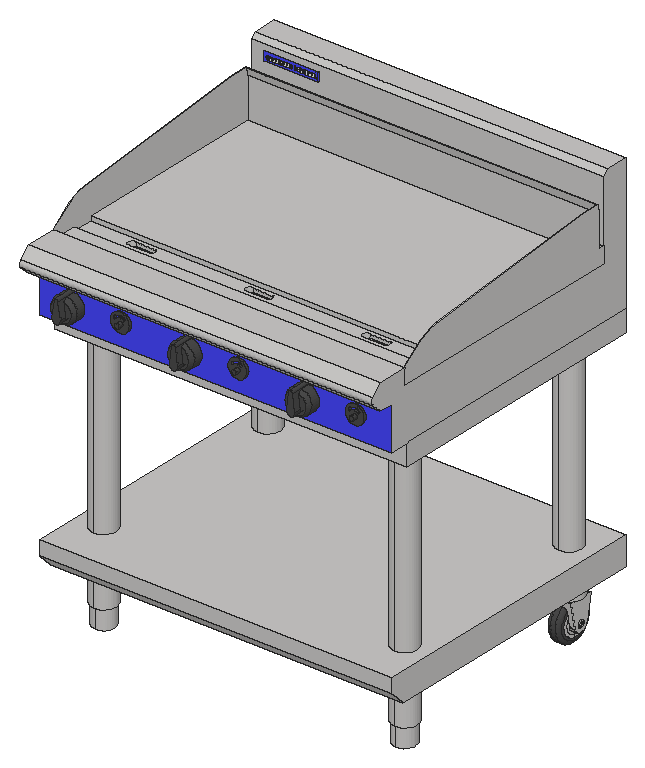
Revit family "QF_MOFFAT_BLUESEAL_CE_G516A-LS", category Specialty Equipment, Revit 2012
Parameters
  Width = 900 mm
  Weight in Pounds = 283  # constant formula
  URL Cutsheet = "www.moffat.com"
  URL = "www.moffat.com"
  Type Mark [instance] = ""
  Status [instance] = ""
  Specification by User [instance] = ""
  Specification by Manufacturer = ""
  Show Logo [instance] = yes
  Show Casters [instance] = yes
  Serial Number = ""
  Seismic Rating = ""
  SMACNA No = ""
  Revision Code [instance] = ""
  Omniclass Number and Title = ""
  NAFEM Spec ID Number = ""
  Model = "G514A-LS"
  Mechanical Remarks = ""
  Mechanical Connection Type = ""
  Masterspec = ""
  Manufacturer = "MOFFAT BLUESEAL"
  Legs [instance] = not(Show Casters)  # no
  Item Number [instance] = ""
  Installed By [instance] = ""
  Identify Quantity as Lot [instance] = yes
  Gas Size = 3/4"
  Gas RI Height = 0 mm
  Gas KW = 16.6
  Gas Input = 56869.0 Btu/h
  Gas Connection Height = 0 mm
  Furnished By [instance] = ""
  Foodservice Equipment Identifier [instance] = yes
  Description = "900MM GAS GRIDDLE PLATE ON LEG STAND"
  Depth = 812 mm
  CSI MasterFormat = ""
  CSI Master Format = ""
  Base Height [instance] = 150 mm
Reference planes
  plane 1 "BACK": y = 0
  plane 2: z = 0
  plane 3 "LEFT": x = 0
  plane 4 "RIGHT": x = 900
  plane 5 "FRONT": y = -812
  plane 6 "TOP": z = 970
  plane 7 "Center Y": x = 450
  plane 8 "Center X": y = -406
  plane 9 "Base Height": z = 150
  plane 10: z = 915
  plane 11: x = 770
  plane 12: z = 1085
  plane 13: x = 65.354
  plane 14: y = -625
  plane 15: y = -100
  plane 16: x = 834.646
  plane 17: z = 655
Forms (mm)
  Extrusion 1, solid, material "QF_Finishes_Stainless Steel"
    sketch origin (0, 0, 0) x (0, 1, 0) y (0, 0, 1)
      loop
        line (-749, 850) -> (-749, 740) -> (0, 740) -> (0, 1085) -> (-57.5, 1085) -> (-70, 1072.5) -> (-70, 875) -> (-705, 875) -> (-705, 915) -> (-783.97, 915) -> (-808.485, 890.485)
        arc (-808.485, 890.485) -> (-811.999, 882) -> (-808.485, 873.515) r 12
        line (-808.485, 873.515) -> (-784.97, 850) -> (-749, 850)
      loop
        line (0, 685) -> (0, 739.5) -> (-699, 739.5) -> (-699, 685) -> (0, 685)
      loop
        line (0, 222.5) -> (-749, 222.5) -> (-749, 186) -> (-713, 150) -> (0, 150) -> (0, 222.5)
    from 0 to 900
  Revolve 2, solid, material "QF_Finishes_Black"
    sketch origin (90, 7, 600) x (0, 1, 0) y (0, 0, -1)
      loop
        line (-789, -229.5) -> (-766, -229.5) -> (-766, -202) -> (-756, -202) -> (-756, -197) -> (-800, -197) -> (-800, -223.651) -> (-789, -229.5)
      axis (-800, -197) -> (-756, -197)
    angle from 0 to 360
  Extrusion 3, solid, material "QF_Finishes_Black"
    sketch origin (90, -759, 797) x (0, 0, 1) y (1, 0, 0)
      loop
        arc (32.192, -4.965) -> (37.079, 0.034) -> (32.192, 5.033) r 5
        line (32.192, 5.033) -> (-10.726, 10.453)
        arc (-10.726, 10.453) -> (-22.392, 0.618) -> (-11.893, -10.454) r 10.487
        line (-11.893, -10.454) -> (32.192, -4.965)
    from 0 to -49
  Extrusion 4, solid, material "QF_Finishes_Stainless Steel"
    sketch origin (0, 0, 222.5) x (0, -1, 0) y (1, 0, 0)
      loop
        circle (100, 65) r 31.75
      loop
        circle (625, 65) r 31.75
      loop
        circle (100, 835) r 31.75
      loop
        circle (625, 835) r 31.75
    from 0 to 462.5
  Revolve 5, solid, material "QF_Finishes_Stainless Steel", visible <- "Legs"
    sketch origin (65.5, -166, 0) x (0, 1, 0) y (0, 0, 1)
      loop
        line (34.25, 150) -> (34.25, 50) -> (38.5, 50) -> (38.5, 0) -> (66, 0) -> (66, 150) -> (34.25, 150)
      axis (66, 150) -> (66, 0)
    angle from 0 to 360
  Revolve 6, solid, material "QF_Finishes_Stainless Steel"
    sketch origin (65.5, -735, 0) x (0, 1, 0) y (0, 0, 1)
      loop
        line (78.25, 150) -> (78.25, 50) -> (82.5, 50) -> (82.5, 0) -> (110, 0) -> (110, 150) -> (78.25, 150)
      axis (110, 150) -> (110, 0)
    angle from 0 to 360
  Revolve 7, solid, material "QF_Finishes_Stainless Steel", visible <- "Legs"
    sketch origin (834.646, -166, -0.354) x (0, 1, 0) y (0, 0, -1)
      loop
        line (34.25, -150) -> (66, -150) -> (66, -0.354) -> (38.5, -0.354) -> (38.5, -50) -> (34.25, -50) -> (34.25, -150)
      axis (66, -150) -> (66, -0.354)
    angle from 0 to 360
  Revolve 8, solid, material "QF_Finishes_Stainless Steel"
    sketch origin (834.646, -728, -0.354) x (0, 1, 0) y (0, 0, -1)
      loop
        line (71.25, -150) -> (103, -150) -> (103, -0.354) -> (75.5, -0.354) -> (75.5, -50) -> (71.25, -50) -> (71.25, -150)
      axis (103, -150) -> (103, -0.354)
    angle from 0 to 360
  Revolve 9, solid, material "QF_Finishes_Stainless Steel", visible <- "Show Casters"
    sketch origin (16.276, -100.755, -12.8) x (1, 0, 0) y (0, 0, 1)
      loop
        line (14.841, 63.604) -> (83.584, 63.604) -> (83.584, 67.109) -> (82.314, 68.379) -> (80.79, 68.379) -> (80.79, 71.826) -> (68.644, 71.826) -> (68.644, 81.79) -> (65.088, 83.843) -> (63.738, 92.179) -> (65.881, 92.179) -> (65.881, 98.529) -> (65.088, 98.529) -> (65.088, 104.879)
        arc (65.088, 104.879) -> (62.298, 111.614) -> (55.563, 114.404) r 9.525
        line (55.563, 114.404) -> (42.863, 114.404)
        arc (42.863, 114.404) -> (36.127, 111.614) -> (33.338, 104.879) r 9.525
        line (33.338, 104.879) -> (33.338, 98.529) -> (32.544, 98.529) -> (32.544, 92.179) -> (34.687, 92.179) -> (33.352, 83.932) -> (29.782, 81.871) -> (29.782, 71.826) -> (17.635, 71.826) -> (17.635, 68.379) -> (16.111, 68.379) -> (14.841, 67.109) -> (14.841, 63.604)
      axis (14.841, 63.604) -> (83.584, 63.604)
    angle from 0 to 360
  Extrusion 10, solid, material "QF_Finishes_Stainless Steel", visible <- "Show Casters"
    sketch origin (72.001, 132.353, -8.783) x (0, 1, 0) y (0, 0, 1)
      loop
        line (-200.603, 118.783) -> (-264.103, 118.783) -> (-251.746, 53.895)
        arc (-251.746, 53.895) -> (-232.353, 38.783) -> (-212.959, 53.895) r 20
        line (-212.959, 53.895) -> (-200.603, 118.783)
    from -35.667 to 22.923
  Revolve 11, solid, material "QF_Finishes_Stainless Steel", visible <- "Show Casters"
    sketch origin (65.5, -204, 0) x (0, 1, 0) y (0, 0, 1)
      loop
        line (68.25, 150) -> (68.25, 110) -> (104, 110) -> (104, 150) -> (68.25, 150)
      axis (104, 150) -> (104, 110)
    angle from 0 to 360
  Revolve 12, solid, material "QF_Finishes_Stainless Steel", visible <- "Legs"
    sketch origin (65.5, -166, 0) x (0, 1, 0) y (0, 0, 1)
      loop
        line (34.25, 150) -> (34.25, 50) -> (38.5, 50) -> (38.5, 0) -> (66, 0) -> (66, 150) -> (34.25, 150)
      axis (66, 150) -> (66, 0)
    angle from 0 to 360
  Revolve 13, solid, material "QF_Finishes_Stainless Steel", visible <- "Show Casters"
    sketch origin (485.423, -100.755, -12.798) x (1, 0, 0) y (0, 0, 1)
      loop
        line (314.841, 63.604) -> (383.584, 63.604) -> (383.584, 67.109) -> (382.314, 68.379) -> (380.79, 68.379) -> (380.79, 71.826) -> (368.644, 71.826) -> (368.644, 81.79) -> (365.088, 83.843) -> (363.738, 92.179) -> (365.881, 92.179) -> (365.881, 98.529) -> (365.088, 98.529) -> (365.088, 104.879)
        arc (365.088, 104.879) -> (362.298, 111.614) -> (355.563, 114.404) r 9.525
        line (355.563, 114.404) -> (342.863, 114.404)
        arc (342.863, 114.404) -> (336.127, 111.614) -> (333.338, 104.879) r 9.525
        line (333.338, 104.879) -> (333.338, 98.529) -> (332.544, 98.529) -> (332.544, 92.179) -> (334.687, 92.179) -> (333.352, 83.932) -> (329.782, 81.871) -> (329.782, 71.826) -> (317.635, 71.826) -> (317.635, 68.379) -> (316.111, 68.379) -> (314.841, 67.109) -> (314.841, 63.604)
      axis (314.841, 63.604) -> (383.584, 63.604)
    angle from 0 to 360
  Extrusion 14, solid, material "QF_Finishes_Stainless Steel", visible <- "Show Casters"
    sketch origin (841.147, 132.353, -9.137) x (0, 1, 0) y (0, 0, 1)
      loop
        line (-200.603, 118.783) -> (-264.103, 118.783) -> (-251.746, 53.895)
        arc (-251.746, 53.895) -> (-232.353, 38.783) -> (-212.959, 53.895) r 20
        line (-212.959, 53.895) -> (-200.603, 118.783)
    from -35.667 to 22.923
  Revolve 15, solid, material "QF_Finishes_Stainless Steel", visible <- "Show Casters"
    sketch origin (834.646, -204, -0.354) x (0, 1, 0) y (0, 0, 1)
      loop
        line (68.25, 150) -> (68.25, 110) -> (104, 110) -> (104, 150) -> (68.25, 150)
      axis (104, 150) -> (104, 110)
    angle from 0 to 360
  Extrusion 16, solid, material "QF_Finishes_Stainless Steel"
    sketch origin (0, 0, 685) x (-1, 0, 0) y (0, 1, 0)
      loop
        circle (-770, -32) r 6.35
    from 0 to 30
  Revolve 17, solid, material "QF_Finishes_Black"
    sketch origin (390, 7, 600) x (0, 1, 0) y (0, 0, -1)
      loop
        line (-789, -229.5) -> (-766, -229.5) -> (-766, -202) -> (-756, -202) -> (-756, -197) -> (-800, -197) -> (-800, -223.651) -> (-789, -229.5)
      axis (-800, -197) -> (-756, -197)
    angle from 0 to 360
  Extrusion 18, solid, material "QF_Finishes_Black"
    sketch origin (390, -759, 797) x (0, 0, 1) y (1, 0, 0)
      loop
        arc (32.192, -4.965) -> (37.079, 0.034) -> (32.192, 5.033) r 5
        line (32.192, 5.033) -> (-10.726, 10.453)
        arc (-10.726, 10.453) -> (-22.392, 0.618) -> (-11.893, -10.454) r 10.487
        line (-11.893, -10.454) -> (32.192, -4.965)
    from 0 to -49
  Revolve 19, solid, material "QF_Finishes_Black"
    sketch origin (690, 7, 600) x (0, 1, 0) y (0, 0, -1)
      loop
        line (-789, -229.5) -> (-766, -229.5) -> (-766, -202) -> (-756, -202) -> (-756, -197) -> (-800, -197) -> (-800, -223.651) -> (-789, -229.5)
      axis (-800, -197) -> (-756, -197)
    angle from 0 to 360
  Extrusion 20, solid, material "QF_Finishes_Black"
    sketch origin (690, -759, 797) x (0, 0, 1) y (1, 0, 0)
      loop
        arc (32.192, -4.965) -> (37.079, 0.034) -> (32.192, 5.033) r 5
        line (32.192, 5.033) -> (-10.726, 10.453)
        arc (-10.726, 10.453) -> (-22.392, 0.618) -> (-11.893, -10.454) r 10.487
        line (-11.893, -10.454) -> (32.192, -4.965)
    from 0 to -49
  Extrusion 21, solid, material "QF_Finishes_Black"
    sketch origin (0, -749, 850) x (0, 0, -1) y (1, 0, 0)
      loop
        circle (53, 510) r 23.9
      loop
        circle (53, 810) r 23.9
      loop
        circle (53, 210) r 23.9
      loop
        arc (41.701, 224.079) -> (35.116, 209.341) -> (42.919, 195.209) r 18.095
        arc (42.919, 195.209) -> (47.641, 196.491) -> (46.326, 201.204) r 3.448
        arc (46.326, 201.204) -> (42.758, 209.683) -> (45.641, 218.419) r 13.109
        arc (45.641, 218.419) -> (46.501, 223.219) -> (41.701, 224.079) r 3.448
      loop
        arc (45.641, 518.419) -> (46.501, 523.219) -> (41.701, 524.079) r 3.448
        arc (41.701, 524.079) -> (35.116, 509.341) -> (42.919, 495.209) r 18.095
        arc (42.919, 495.209) -> (47.641, 496.491) -> (46.326, 501.204) r 3.448
        arc (46.326, 501.204) -> (42.758, 509.683) -> (45.641, 518.419) r 13.109
      loop
        arc (45.641, 818.419) -> (46.501, 823.219) -> (41.701, 824.079) r 3.448
        arc (41.701, 824.079) -> (35.116, 809.341) -> (42.919, 795.209) r 18.095
        arc (42.919, 795.209) -> (47.641, 796.491) -> (46.326, 801.204) r 3.448
        arc (46.326, 801.204) -> (42.758, 809.683) -> (45.641, 818.419) r 13.109
    from 0 to 5
  Extrusion 22, solid, material "QF_Finishes_Black"
    sketch origin (0, -754, 850) x (0, 0, -1) y (1, 0, 0)
      loop
        circle (56.5, 810) r 5.75
      loop
        circle (56.5, 510) r 5.75
      loop
        circle (56.5, 210) r 5.75
    from 0 to 10
Lines and regions (mm)
  Split face 1
    outline origin (0, -56.5, 1085) x (0, 1, 0) y (-1, 0, 0)
      loop
        line (11.115, -338.041) -> (11.115, -566)
        arc (11.115, -566) -> (16.115, -574.66) -> (26.115, -574.66) r 10
        line (26.115, -574.66) -> (33.115, -570.619)
        arc (33.115, -570.619) -> (36.775, -566.959) -> (38.115, -561.959) r 10
        line (38.115, -561.959) -> (38.115, -334)
        arc (38.115, -334) -> (33.115, -325.34) -> (23.115, -325.34) r 10
        line (23.115, -325.34) -> (16.115, -329.381)
        arc (16.115, -329.381) -> (12.455, -333.041) -> (11.115, -338.041) r 10
  Split face 2
    outline origin (0, -56.5, 1085) x (0, 1, 0) y (-1, 0, 0)
      loop
        line (38.115, -851.959) -> (38.115, -624)
        arc (38.115, -624) -> (33.115, -615.34) -> (23.115, -615.34) r 10
        line (23.115, -615.34) -> (16.115, -619.381)
        arc (16.115, -619.381) -> (12.455, -623.041) -> (11.115, -628.041) r 10
        line (11.115, -628.041) -> (11.115, -856)
        arc (11.115, -856) -> (16.115, -864.66) -> (26.115, -864.66) r 10
        line (26.115, -864.66) -> (33.115, -860.619)
        arc (33.115, -860.619) -> (36.775, -856.959) -> (38.115, -851.959) r 10
  Split face 3
    outline origin (0, -56.5, 1085) x (0, 1, 0) y (-1, 0, 0)
      loop
        line (11.115, -48.041) -> (11.115, -276)
        arc (11.115, -276) -> (16.115, -284.66) -> (26.115, -284.66) r 10
        line (26.115, -284.66) -> (33.115, -280.619)
        arc (33.115, -280.619) -> (36.775, -276.959) -> (38.115, -271.959) r 10
        line (38.115, -271.959) -> (38.115, -44)
        arc (38.115, -44) -> (33.115, -35.34) -> (23.115, -35.34) r 10
        line (23.115, -35.34) -> (16.115, -39.381)
        arc (16.115, -39.381) -> (12.455, -43.041) -> (11.115, -48.041) r 10
  symbolic lines, style "SpecialityEquipmentHiddenLines", visible <- "Show Casters"
    curve 1: line (78.456, -46.735, 0) -> (105.952, -62.61, 0)
    curve 2: line (27.656, -134.723, 0) -> (78.456, -46.735, 0)
    curve 3: line (55.152, -150.598, 0) -> (27.656, -134.723, 0)
    curve 4: line (105.952, -62.61, 0) -> (55.152, -150.598, 0)
    curve 5: line (848.456, -46.735, 0) -> (875.952, -62.61, 0)
    curve 6: line (797.656, -134.723, 0) -> (848.456, -46.735, 0)
    curve 7: line (825.152, -150.598, 0) -> (797.656, -134.723, 0)
    curve 8: line (875.952, -62.61, 0) -> (825.152, -150.598, 0)
  symbolic lines
    curve 9: line (0, -783.97, 0) -> (900, -783.97, 0)
    curve 10: line (0, 0, 0) -> (0, -811.999, 0)
    curve 11: line (900, -811.999, 0) -> (900, 0, 0)
    curve 12: line (900, -811.999, 0) -> (0, -811.999, 0)
    curve 13: line (0, -70, 0) -> (900, -70, 0)
    curve 14: line (0, -57.5, 0) -> (900, -57.5, 0)
    curve 15: line (900, 0, 0) -> (0, 0, 0)
    curve 16: line (561.959, -18.385, 0) -> (334, -18.385, 0)
    curve 17: arc (334, -18.385, 0) -> (325.34, -23.385, 0) -> (325.34, -33.385, 0) r 10
    curve 18: line (325.34, -33.385, 0) -> (329.381, -40.385, 0)
    curve 19: arc (329.381, -40.385, 0) -> (333.041, -44.045, 0) -> (338.041, -45.385, 0) r 10
    curve 20: line (338.041, -45.385, 0) -> (566, -45.385, 0)
    curve 21: arc (566, -45.385, 0) -> (574.66, -40.385, 0) -> (574.66, -30.385, 0) r 10
    curve 22: line (574.66, -30.385, 0) -> (570.619, -23.385, 0)
    curve 23: arc (570.619, -23.385, 0) -> (566.959, -19.725, 0) -> (561.959, -18.385, 0) r 10
    curve 24: line (851.959, -18.385, 0) -> (624, -18.385, 0)
    curve 25: arc (624, -18.385, 0) -> (615.34, -23.385, 0) -> (615.34, -33.385, 0) r 10
    curve 26: line (615.34, -33.385, 0) -> (619.381, -40.385, 0)
    curve 27: arc (619.381, -40.385, 0) -> (623.041, -44.045, 0) -> (628.041, -45.385, 0) r 10
    curve 28: line (628.041, -45.385, 0) -> (856, -45.385, 0)
    curve 29: arc (856, -45.385, 0) -> (864.66, -40.385, 0) -> (864.66, -30.385, 0) r 10
    curve 30: line (864.66, -30.385, 0) -> (860.619, -23.385, 0)
    curve 31: arc (860.619, -23.385, 0) -> (856.959, -19.725, 0) -> (851.959, -18.385, 0) r 10
    curve 32: line (271.959, -18.385, 0) -> (44, -18.385, 0)
    curve 33: arc (44, -18.385, 0) -> (35.34, -23.385, 0) -> (35.34, -33.385, 0) r 10
    curve 34: line (35.34, -33.385, 0) -> (39.381, -40.385, 0)
    curve 35: arc (39.381, -40.385, 0) -> (43.041, -44.045, 0) -> (48.041, -45.385, 0) r 10
    curve 36: line (48.041, -45.385, 0) -> (276, -45.385, 0)
    curve 37: arc (276, -45.385, 0) -> (284.66, -40.385, 0) -> (284.66, -30.385, 0) r 10
    curve 38: line (284.66, -30.385, 0) -> (280.619, -23.385, 0)
    curve 39: arc (280.619, -23.385, 0) -> (276.959, -19.725, 0) -> (271.959, -18.385, 0) r 10
    curve 40: line (0, -705, 0) -> (900, -705, 0)
Dimensions and locks
  equal spacing: plane 3 "LEFT", plane 7 "Center Y", plane 4 "RIGHT"
  "Width": plane 3 "LEFT" to plane 4 "RIGHT"
  equal spacing: plane 5 "FRONT", plane 8 "Center X", plane 1 "BACK"
  "Depth": plane 5 "FRONT" to plane 1 "BACK"
  equal spacing: plane 4 "RIGHT", plane 7 "Center Y", plane 3 "LEFT"
  plane 4 "RIGHT" to plane 3 "LEFT" = 900 mm
  plane 5 "FRONT" to plane 1 "BACK" = 812 mm
  "Base Height": plane 9 "Base Height" to level
  plane 6 "TOP" to level = 970 mm
  plane 10 to level = 915 mm
  plane 11 to plane 4 "RIGHT" = 130 mm
  plane 12 to plane 2 = 1085 mm
  Revolve 9 sketch curve to Revolve 9 sketch curve = 50.8 mm
  Revolve 13 sketch curve to Revolve 13 sketch curve = 50.8 mm
  plane 15 to plane 14 = 525 mm
  plane 17 to plane 2 = 655 mm
  Extrusion 16 sketch curve to plane 1 "BACK" = 32 mm
  aligned and locked: level to plane 2
Automatic sketch dimensions
  plane 1 "BACK" to curve 15 = 0 mm
  curve 15 to plane 3 "LEFT" = 0 mm
  curve 11 to plane 4 "RIGHT" = 0 mm
  plane 3 "LEFT" to curve 2 = 27.656 mm
  plane 13 to curve 34 = 30.014 mm
  curve 34 to curve 34 = 4.041 mm
  curve 33 to curve 33 = 8.66 mm
  curve 34 to curve 35 = 8.66 mm
  plane 13 to curve 3 = 10.202 mm
  curve 1 to plane 13 = 13.102 mm
  plane 1 "BACK" to curve 39 = 18.385 mm
  curve 1 to curve 39 = 166.007 mm
  curve 39 to curve 37 = 4.041 mm
  curve 32 to curve 39 = 8.66 mm
  plane 1 "BACK" to curve 38 = 30.385 mm
  curve 38 to curve 38 = 4.041 mm
  plane 1 "BACK" to curve 18 = 33.385 mm
  curve 38 to curve 18 = 40.679 mm
  curve 18 to curve 19 = 4.041 mm
  curve 17 to curve 16 = 8.66 mm
  curve 17 to curve 19 = 4.041 mm
  plane 1 "BACK" to curve 23 = 28.385 mm
  plane 7 "Center Y" to curve 23 = 111.959 mm
  curve 23 to curve 20 = 4.041 mm
  curve 16 to curve 23 = 8.66 mm
  curve 23 to curve 21 = 4.041 mm
  plane 1 "BACK" to curve 26 = 33.385 mm
  curve 22 to curve 26 = 40.679 mm
  curve 26 to curve 27 = 4.041 mm
  curve 25 to curve 24 = 8.66 mm
  curve 26 to curve 27 = 8.66 mm
  plane 11 to curve 6 = 27.656 mm
  curve 8 to plane 16 = 9.494 mm
  plane 16 to curve 6 = 13.809 mm
  plane 16 to curve 24 = 17.312 mm
  curve 5 to curve 28 = 7.544 mm
  curve 31 to curve 31 = 8.66 mm
  curve 31 to curve 29 = 4.041 mm
  curve 33 to curve 32 = 15 mm
  curve 27 to curve 25 = 2 mm
  curve 37 to curve 37 = 5 mm
  curve 35 to curve 33 = 7 mm
  plane 1 "BACK" to curve 29 = 35.385 mm
  curve 21 to curve 23 = 7 mm
  curve 19 to curve 17 = 2 mm
  curve 27 to curve 26 = 7 mm
  curve 18 to curve 18 = 7 mm
  curve 1 to curve 36 = 1.35 mm
  curve 6 to curve 28 = 1.35 mm
  curve 14 to plane 15 = 42.5 mm
  curve 5 to curve 14 = 5.11 mm
  curve 4 to curve 1 = 15.875 mm
  curve 13 to curve 14 = 12.5 mm
  plane 14 to curve 40 = 80 mm
  curve 9 to plane 5 "FRONT" = 28.03 mm
  curve 12 to plane 5 "FRONT" = 0.001 mm
  curve 27 to curve 25 = 7 mm
  curve 19 to curve 17 = 7 mm
  curve 29 to curve 31 = 7 mm
  curve 37 to curve 39 = 7 mm
  plane 10 to Extrusion 1 sketch curve = 0 mm
  Extrusion 1 sketch curve to plane 9 "Base Height" = 0 mm
  plane 12 to Extrusion 1 sketch curve = 0 mm
  Extrusion 1 sketch curve to plane 1 "BACK" = 0 mm  (x3)
  Extrusion 1 sketch curve to plane 15 = 42.5 mm
  plane 12 to Extrusion 1 sketch curve = 12.5 mm
  Extrusion 1 sketch curve to Extrusion 1 sketch curve = 12.5 mm
  plane 17 to Extrusion 1 sketch curve = 30 mm
  plane 14 to Extrusion 1 sketch curve = 74 mm
  plane 14 to Extrusion 1 sketch curve = 80 mm
  plane 14 to Extrusion 1 sketch curve = 88 mm
  Extrusion 1 sketch curve to Extrusion 1 sketch curve = 44 mm
  Extrusion 1 sketch curve to Extrusion 1 sketch curve = 36 mm
  Extrusion 1 sketch curve to plane 5 "FRONT" = 28.03 mm
  Extrusion 1 sketch curve to plane 5 "FRONT" = 27.03 mm
  Extrusion 1 sketch curve to plane 5 "FRONT" = 12.001 mm
  Extrusion 1 sketch curve to plane 5 "FRONT" = 3.515 mm  (x2)
  plane 9 "Base Height" to Extrusion 1 sketch curve = 36 mm
  plane 9 "Base Height" to Extrusion 1 sketch curve = 72.5 mm
  Extrusion 1 sketch curve to Extrusion 1 sketch curve = 54.5 mm
  Extrusion 1 sketch curve to Extrusion 1 sketch curve = 0.5 mm
  plane 10 to Extrusion 1 sketch curve = 65 mm
  Extrusion 1 sketch curve to Extrusion 1 sketch curve = 23.515 mm
  plane 10 to Extrusion 1 sketch curve = 40 mm
  Extrusion 1 sketch curve to Extrusion 1 sketch curve = 8.485 mm
  Revolve 2 sketch curve to plane 5 "FRONT" = 19 mm
  Revolve 2 sketch curve to Revolve 2 sketch curve = 0 mm  (x2)
  Revolve 2 sketch curve to Revolve 2 sketch curve = 11 mm
  Revolve 2 sketch curve to Revolve 2 sketch curve = 12.7 mm
  Revolve 2 sketch curve to Revolve 2 sketch curve = 23 mm
  Revolve 2 sketch curve to Revolve 2 sketch curve = 10 mm
  plane 10 to Revolve 2 sketch curve = 85.5 mm
  Revolve 2 sketch curve to Revolve 2 sketch curve = 5.849 mm
  Revolve 2 sketch curve to Revolve 2 sketch curve = 27.5 mm
  Revolve 2 sketch curve to Revolve 2 sketch curve = 5 mm
  Extrusion 3 sketch curve to Revolve 2 = 0.034 mm  (x2)
  Revolve 2 to Extrusion 3 sketch curve = 10.454 mm
  Extrusion 3 sketch curve to Extrusion 3 sketch curve = 0.028 mm
  Extrusion 3 sketch curve to Revolve 2 = 10.453 mm
  Extrusion 3 sketch curve to Extrusion 3 sketch curve = 44 mm
  Extrusion 3 sketch curve to Revolve 2 = 5.033 mm
  Extrusion 3 sketch curve to Extrusion 3 sketch curve = 0.113 mm
  Revolve 2 to Extrusion 3 sketch curve = 4.965 mm
  Extrusion 4 sketch curve to Extrusion 4 sketch curve = 0 mm  (x8)
  Extrusion 1 to Extrusion 4 sketch curve = 68.25 mm  (x2)
  Extrusion 4 sketch curve to Extrusion 4 sketch curve = 31.75 mm  (x4)
  Extrusion 4 sketch curve to Extrusion 1 = 155.75 mm  (x2)
  Extrusion 1 to Extrusion 4 sketch curve = 65 mm  (x4)
  Revolve 5 sketch curve to plane 9 "Base Height" = 0 mm
  Revolve 5 sketch curve to level = 0 mm
  Revolve 5 sketch curve to plane 15 = 0 mm  (x2)
  plane 15 to Revolve 5 sketch curve = 27.5 mm
  plane 15 to Revolve 5 sketch curve = 31.75 mm
  Revolve 5 sketch curve to Revolve 5 sketch curve = 55 mm
  level to Revolve 5 sketch curve = 50 mm
  Revolve 5 sketch curve to Revolve 5 sketch curve = 0 mm
  Revolve 6 sketch curve to plane 9 "Base Height" = 0 mm
  Revolve 6 sketch curve to level = 0 mm
  Revolve 6 sketch curve to plane 14 = 0 mm  (x2)
  Revolve 6 sketch curve to Revolve 6 sketch curve = 27.5 mm
  Revolve 6 sketch curve to Revolve 6 sketch curve = 31.75 mm
  Revolve 6 sketch curve to Revolve 6 sketch curve = 55 mm
  level to Revolve 6 sketch curve = 50 mm
  Revolve 6 sketch curve to Revolve 6 sketch curve = 0 mm
  Revolve 7 sketch curve to level = 0 mm
  Revolve 7 sketch curve to plane 15 = 0 mm  (x2)
  plane 15 to Revolve 7 sketch curve = 27.5 mm
  Revolve 7 sketch curve to plane 9 "Base Height" = 0.354 mm
  plane 15 to Revolve 7 sketch curve = 31.75 mm
  level to Revolve 7 sketch curve = 49.646 mm
  Revolve 7 sketch curve to Revolve 7 sketch curve = 0 mm
  Revolve 7 sketch curve to level = 55.354 mm
  Revolve 8 sketch curve to level = 0 mm
  Revolve 8 sketch curve to plane 14 = 0 mm  (x2)
  Revolve 8 sketch curve to Revolve 8 sketch curve = 27.5 mm
  Revolve 8 sketch curve to plane 9 "Base Height" = 0.354 mm
  plane 14 to Revolve 8 sketch curve = 31.75 mm
  level to Revolve 8 sketch curve = 49.646 mm
  Revolve 8 sketch curve to Revolve 8 sketch curve = 0 mm
  Revolve 8 sketch curve to Revolve 8 sketch curve = 55.354 mm
  plane 3 "LEFT" to Revolve 9 sketch curve = 31.118 mm
  Revolve 9 sketch curve to Revolve 9 sketch curve = 1.27 mm  (x4)
  Revolve 9 sketch curve to Revolve 9 sketch curve = 1.524 mm  (x2)
  Revolve 9 sketch curve to Revolve 9 sketch curve = 12.146 mm  (x2)
  plane 13 to Revolve 9 sketch curve = 16.533 mm
  Revolve 9 sketch curve to Revolve 9 sketch curve = 0.794 mm  (x2)
  Revolve 9 sketch curve to Revolve 9 sketch curve = 3.57 mm
  Revolve 9 sketch curve to Revolve 9 sketch curve = 2.143 mm
  plane 13 to Revolve 9 sketch curve = 6.215 mm
  Revolve 9 sketch curve to plane 13 = 5.276 mm
  Revolve 9 sketch curve to plane 13 = 6.485 mm
  Revolve 9 sketch curve to plane 13 = 14.661 mm
  Revolve 9 sketch curve to Revolve 9 sketch curve = 1.349 mm  (x2)
  Revolve 9 sketch curve to Revolve 9 sketch curve = 3.556 mm
  Revolve 9 sketch curve to Revolve 9 sketch curve = 33.32 mm
  level to Revolve 9 sketch curve = 50.804 mm
  Revolve 9 sketch curve to Revolve 9 sketch curve = 0 mm
  Revolve 9 sketch curve to Revolve 9 sketch curve = 3.505 mm  (x2)
  Revolve 9 sketch curve to Revolve 9 sketch curve = 3.447 mm  (x2)
  Revolve 9 sketch curve to Revolve 9 sketch curve = 9.964 mm
  Revolve 9 sketch curve to Revolve 9 sketch curve = 10.045 mm
  Revolve 9 sketch curve to Revolve 9 sketch curve = 2.053 mm
  Revolve 9 sketch curve to Revolve 9 sketch curve = 2.061 mm
  Revolve 9 sketch curve to Revolve 9 sketch curve = 8.247 mm
  Revolve 9 sketch curve to Revolve 9 sketch curve = 8.336 mm
  Revolve 9 sketch curve to Revolve 9 sketch curve = 6.35 mm  (x2)
  Extrusion 10 sketch curve to plane 15 = 0 mm
  plane 15 to Extrusion 10 sketch curve = 19.393 mm
  plane 15 to Extrusion 10 sketch curve = 31.75 mm
  Extrusion 10 sketch curve to plane 15 = 19.393 mm
  Extrusion 10 sketch curve to plane 15 = 31.75 mm
  level to Extrusion 10 sketch curve = 45.111 mm
  Extrusion 10 sketch curve to Extrusion 10 sketch curve = 4.889 mm
  Extrusion 10 sketch curve to plane 9 "Base Height" = 40 mm
  Revolve 11 sketch curve to plane 9 "Base Height" = 0 mm
  Revolve 11 sketch curve to plane 15 = 0 mm  (x2)
  plane 15 to Revolve 11 sketch curve = 35.75 mm
  Revolve 11 sketch curve to Revolve 11 sketch curve = 40 mm
  level to Revolve 11 sketch curve = 50 mm
  Revolve 11 sketch curve to level = 55 mm
  Revolve 12 sketch curve to plane 9 "Base Height" = 0 mm
  Revolve 12 sketch curve to level = 0 mm
  Revolve 12 sketch curve to plane 15 = 0 mm  (x2)
  plane 15 to Revolve 12 sketch curve = 27.5 mm
  plane 15 to Revolve 12 sketch curve = 31.75 mm
  Revolve 12 sketch curve to Revolve 12 sketch curve = 55 mm
  level to Revolve 12 sketch curve = 50 mm
  Revolve 12 sketch curve to Revolve 12 sketch curve = 0 mm
  plane 11 to Revolve 13 sketch curve = 30.264 mm
  Revolve 13 sketch curve to Revolve 13 sketch curve = 1.27 mm  (x4)
  Revolve 13 sketch curve to Revolve 13 sketch curve = 1.524 mm  (x2)
  Revolve 13 sketch curve to Revolve 13 sketch curve = 12.146 mm  (x2)
  Revolve 13 sketch curve to plane 16 = 16.68 mm
  Revolve 13 sketch curve to Revolve 13 sketch curve = 0.794 mm  (x2)
  Revolve 13 sketch curve to Revolve 13 sketch curve = 3.57 mm
  Revolve 13 sketch curve to Revolve 13 sketch curve = 2.143 mm
  Revolve 13 sketch curve to plane 16 = 6.361 mm
  plane 16 to Revolve 13 sketch curve = 5.13 mm
  plane 16 to Revolve 13 sketch curve = 6.339 mm
  plane 16 to Revolve 13 sketch curve = 14.515 mm
  Revolve 13 sketch curve to Revolve 13 sketch curve = 1.349 mm  (x2)
  Revolve 13 sketch curve to Revolve 13 sketch curve = 3.556 mm
  Revolve 13 sketch curve to plane 4 "RIGHT" = 2.327 mm
  level to Revolve 13 sketch curve = 50.806 mm
  Revolve 13 sketch curve to Revolve 13 sketch curve = 0 mm
  Revolve 13 sketch curve to Revolve 13 sketch curve = 3.505 mm  (x2)
  Revolve 13 sketch curve to Revolve 13 sketch curve = 3.447 mm  (x2)
  Revolve 13 sketch curve to Revolve 13 sketch curve = 9.964 mm
  Revolve 13 sketch curve to Revolve 13 sketch curve = 10.045 mm
  Revolve 13 sketch curve to Revolve 13 sketch curve = 2.053 mm
  Revolve 13 sketch curve to Revolve 13 sketch curve = 2.061 mm
  Revolve 13 sketch curve to Revolve 13 sketch curve = 8.247 mm
  Revolve 13 sketch curve to Revolve 13 sketch curve = 8.336 mm
  Revolve 13 sketch curve to Revolve 13 sketch curve = 6.35 mm  (x2)
  Extrusion 14 sketch curve to plane 15 = 0 mm
  plane 15 to Extrusion 14 sketch curve = 19.393 mm
  plane 15 to Extrusion 14 sketch curve = 31.75 mm
  Extrusion 14 sketch curve to plane 15 = 19.393 mm
  Extrusion 14 sketch curve to plane 15 = 31.75 mm
  level to Extrusion 14 sketch curve = 44.758 mm
  Extrusion 14 sketch curve to Extrusion 14 sketch curve = 4.889 mm
  Extrusion 14 sketch curve to plane 9 "Base Height" = 40.354 mm
  Revolve 15 sketch curve to plane 15 = 0 mm  (x2)
  Revolve 15 sketch curve to plane 9 "Base Height" = 0.354 mm
  plane 15 to Revolve 15 sketch curve = 35.75 mm
  Revolve 15 sketch curve to Revolve 15 sketch curve = 40 mm
  level to Revolve 15 sketch curve = 49.646 mm
  Revolve 15 sketch curve to level = 55.354 mm
  Extrusion 16 sketch curve to Extrusion 16 sketch curve = 0 mm
  Extrusion 16 sketch curve to Extrusion 1 = 38.35 mm
  Extrusion 16 sketch curve to Extrusion 1 = 130 mm
  Split face 1 sketch curve to Extrusion 1 = 12.115 mm
  Split face 1 sketch curve to Split face 1 sketch curve = 5 mm  (x2)
  Split face 1 sketch curve to Split face 1 sketch curve = 10 mm  (x3)
  Split face 1 sketch curve to Split face 1 sketch curve = 7 mm  (x4)
  Split face 1 sketch curve to Extrusion 1 = 325.34 mm
  Split face 1 sketch curve to Split face 1 sketch curve = 4.041 mm  (x2)
  Split face 1 sketch curve to Split face 1 sketch curve = 223.917 mm
  Split face 2 sketch curve to Extrusion 1 = 12.115 mm
  Split face 2 sketch curve to Split face 2 sketch curve = 5 mm  (x2)
  Split face 2 sketch curve to Split face 2 sketch curve = 10 mm  (x3)
  Split face 2 sketch curve to Split face 2 sketch curve = 7 mm  (x4)
  Split face 2 sketch curve to Extrusion 1 = 35.34 mm
  Split face 2 sketch curve to Split face 2 sketch curve = 4.041 mm  (x2)
  Split face 2 sketch curve to Split face 2 sketch curve = 223.917 mm
  Split face 3 sketch curve to Extrusion 1 = 12.115 mm
  Split face 3 sketch curve to Split face 3 sketch curve = 5 mm  (x3)
  Split face 3 sketch curve to Split face 3 sketch curve = 10 mm  (x2)
  Split face 3 sketch curve to Split face 3 sketch curve = 7 mm  (x4)
  Split face 3 sketch curve to Extrusion 1 = 284.66 mm
  Split face 3 sketch curve to Split face 3 sketch curve = 4.041 mm  (x2)
  Split face 3 sketch curve to Extrusion 1 = 48.041 mm
  Revolve 17 sketch curve to plane 5 "FRONT" = 19 mm
  Revolve 17 sketch curve to Revolve 17 sketch curve = 0 mm  (x2)
  Revolve 17 sketch curve to Revolve 17 sketch curve = 11 mm
  Revolve 17 sketch curve to Revolve 17 sketch curve = 12.7 mm
  Revolve 17 sketch curve to Revolve 17 sketch curve = 23 mm
  Revolve 17 sketch curve to Revolve 17 sketch curve = 10 mm
  plane 10 to Revolve 17 sketch curve = 85.5 mm
  Revolve 17 sketch curve to Revolve 17 sketch curve = 5.849 mm
  Revolve 17 sketch curve to Revolve 17 sketch curve = 27.5 mm
  Revolve 17 sketch curve to Revolve 17 sketch curve = 5 mm
  Extrusion 18 sketch curve to Revolve 17 = 0.034 mm  (x2)
  Revolve 17 to Extrusion 18 sketch curve = 10.454 mm
  Extrusion 18 sketch curve to Extrusion 18 sketch curve = 0.028 mm
  Extrusion 18 sketch curve to Revolve 17 = 10.453 mm
  Extrusion 18 sketch curve to Extrusion 18 sketch curve = 44 mm
  Extrusion 18 sketch curve to Revolve 17 = 5.033 mm
  Extrusion 18 sketch curve to Extrusion 18 sketch curve = 0.113 mm
  Revolve 17 to Extrusion 18 sketch curve = 4.965 mm
  Revolve 19 sketch curve to plane 5 "FRONT" = 19 mm
  Revolve 19 sketch curve to Revolve 19 sketch curve = 0 mm  (x2)
  Revolve 19 sketch curve to Revolve 19 sketch curve = 11 mm
  Revolve 19 sketch curve to Revolve 19 sketch curve = 12.7 mm
  Revolve 19 sketch curve to Revolve 19 sketch curve = 23 mm
  Revolve 19 sketch curve to Revolve 19 sketch curve = 10 mm
  plane 10 to Revolve 19 sketch curve = 85.5 mm
  Revolve 19 sketch curve to Revolve 19 sketch curve = 5.849 mm
  Revolve 19 sketch curve to Revolve 19 sketch curve = 27.5 mm
  Revolve 19 sketch curve to Revolve 19 sketch curve = 5 mm
  Extrusion 20 sketch curve to Revolve 19 = 0.034 mm  (x2)
  Revolve 19 to Extrusion 20 sketch curve = 10.454 mm
  Extrusion 20 sketch curve to Extrusion 20 sketch curve = 0.028 mm
  Extrusion 20 sketch curve to Revolve 19 = 10.453 mm
  Extrusion 20 sketch curve to Extrusion 20 sketch curve = 44 mm
  Extrusion 20 sketch curve to Revolve 19 = 5.033 mm
  Extrusion 20 sketch curve to Extrusion 20 sketch curve = 0.113 mm
  Revolve 19 to Extrusion 20 sketch curve = 4.965 mm
  Extrusion 21 sketch curve to Extrusion 1 = 41.701 mm
  Extrusion 21 sketch curve to Extrusion 21 sketch curve = 1.218 mm
  Extrusion 21 sketch curve to Extrusion 21 sketch curve = 1.97 mm  (x6)
  Extrusion 21 sketch curve to Extrusion 21 sketch curve = 1.724 mm  (x3)
  Extrusion 21 sketch curve to Extrusion 21 sketch curve = 1.683 mm  (x3)
  Extrusion 21 sketch curve to Extrusion 21 sketch curve = 6.674 mm
  Extrusion 21 sketch curve to Extrusion 1 = 53 mm  (x2)
  Extrusion 21 sketch curve to Extrusion 21 sketch curve = 0.195 mm  (x3)
  Extrusion 21 sketch curve to Extrusion 21 sketch curve = 2.662 mm  (x3)
  Extrusion 1 to Extrusion 21 sketch curve = 195.209 mm
  Extrusion 21 sketch curve to Extrusion 21 sketch curve = 2.986 mm  (x3)
  Extrusion 21 sketch curve to Extrusion 21 sketch curve = 8.796 mm
  Extrusion 21 sketch curve to Extrusion 21 sketch curve = 0.103 mm  (x3)
  Extrusion 21 sketch curve to Extrusion 21 sketch curve = 0.102 mm  (x3)
  Extrusion 21 sketch curve to Extrusion 21 sketch curve = 285.921 mm
  Extrusion 1 to Extrusion 21 sketch curve = 90 mm
  Extrusion 21 sketch curve to Extrusion 21 sketch curve = 11.299 mm  (x2)
  Extrusion 21 sketch curve to Extrusion 21 sketch curve = 10.081 mm  (x2)
  Extrusion 21 sketch curve to Extrusion 21 sketch curve = 14.791 mm  (x2)
  radius of Extrusion 21 sketch curve = 23.9 mm  (x3)
Nested families
  nested 1: "WALDORF LOGO_FACE BASE" at (32, -70, 1057.475) x (1, 0, 0) z (0, -1, 0), visible <- "Show Logo", type "WALDORF LOGO_FACE BASE", detail levels medium+fine
    with Show Logo yes
  nested 2: "GAS GRIDDLE PLATE 900" at (0, -85.003, 875), type "GAS GRIDDLE PLATE 900"
    with Width 900 mm, Type Mark "", Status "", Specification by User "", Revision Code "", Item Number "", Installed By "", Identify Quantity as Lot yes, Furnished By "", Foodservice Equipment Identifier yes, Depth 620 mm
Connectors
  piping at (770, -32, 655)
    settings: on Extrusion 16, index 1, connector radius 0.37402", flow factor 0, pipe flow 0 GPM, pressure drop 0.00 psi, fitting loss kfactor 0, connector angle 0.00°, fixture units 0, engagement length 0 mm, flow configuration 1, flow direction 1, fitting loss method 0, system type 7, joint type 0, gender type 0, connector reference index -1, connector utility 0, adjustable connector no, is connector primary yes, fitting loss table "", connector description "GAS CONNECTION"
Definition of nested family "WALDORF LOGO_FACE BASE"
  Parameters (values of type "WALDORF LOGO_FACE BASE")
    Show Logo [instance] = yes
    Default Elevation = 1219.2 mm
  Reference planes
    plane 1 "Center (Front/Back)": y = 0
    plane 2: z = 0
    plane 3 "Center (Left/Right)": x = 0
  Forms (mm)
    Extrusion 1, solid
      sketch origin (0, 0, 0) x (1, 0, 0) y (0, 1, 0)
        loop
          line (-1219.2, 1219.2) -> (-1219.2, -1219.2) -> (1219.2, -1219.2) -> (1219.2, 1219.2) -> (-1219.2, 1219.2)
      from 0 to -304.8
    Extrusion 2, solid, material "QF_Finishes_Blue", visible <- "Show Logo"
      sketch origin (0, -33.217, 0) x (1, 0, 0) y (0, 1, 0)
        loop
          arc (138, 31.942) -> (137.626, 32.844) -> (136.724, 33.217) r 1.276
          line (136.724, 33.217) -> (1.29, 33.217)
          arc (1.29, 33.217) -> (0.378, 32.839) -> (0, 31.927) r 1.29
          line (0, 31.927) -> (0, 11.507)
          arc (0, 11.507) -> (0.378, 10.595) -> (1.29, 10.217) r 1.29
          line (1.29, 10.217) -> (136.71, 10.217)
          arc (136.71, 10.217) -> (137.622, 10.595) -> (138, 11.507) r 1.29
          line (138, 11.507) -> (138, 31.942)
      from 0 to 1.588
    Extrusion 3, solid, material "QF_Finishes_White", visible <- "Show Logo"
      sketch origin (0, -33.217, 1.588) x (1, 0, 0) y (0, 1, 0)
        loop
          arc (108.946, 25.919) -> (107.613, 25.367) -> (107.061, 24.034) r 1.885
          line (107.061, 24.034) -> (107.061, 17.211) -> (112.704, 17.211) -> (112.704, 19.129) -> (115.546, 19.129) -> (115.546, 17.211) -> (121.584, 17.211) -> (121.584, 24.075)
          arc (121.584, 24.075) -> (121.043, 25.379) -> (119.739, 25.919) r 1.845
          line (119.739, 25.919) -> (108.946, 25.919)
        loop
          line (123.478, 25.919) -> (123.478, 17.163) -> (134.904, 17.163) -> (134.904, 19.129) -> (129.246, 19.129) -> (129.246, 25.919) -> (123.478, 25.919)
        loop
          line (112.704, 21.258) -> (115.546, 21.258) -> (115.546, 22.702)
          arc (115.546, 22.702) -> (115.344, 23.188) -> (114.858, 23.389) r 0.687
          line (114.858, 23.389) -> (113.363, 23.389)
          arc (113.363, 23.389) -> (112.897, 23.196) -> (112.704, 22.73) r 0.658
          line (112.704, 22.73) -> (112.704, 21.258)
        loop
          line (105.071, 25.919) -> (93.771, 25.919) -> (93.771, 17.163) -> (105.071, 17.163) -> (105.071, 19.063) -> (99.535, 19.063) -> (99.535, 20.437) -> (105.071, 20.437) -> (105.071, 22.278) -> (99.535, 22.278) -> (99.535, 23.587) -> (105.071, 23.587) -> (105.071, 25.919)
        loop
          line (91.104, 25.919) -> (79.541, 25.919)
          arc (79.541, 25.919) -> (78.558, 25.513) -> (78.152, 24.53) r 1.389
          line (78.152, 24.53) -> (78.152, 22.08)
          arc (78.152, 22.08) -> (78.558, 21.098) -> (79.541, 20.691) r 1.389
          line (79.541, 20.691) -> (86.346, 20.691) -> (86.346, 18.864) -> (83.266, 18.864) -> (83.266, 19.664) -> (78.152, 19.664) -> (78.152, 18.553)
          arc (78.152, 18.553) -> (78.558, 17.57) -> (79.541, 17.163) r 1.389
          line (79.541, 17.163) -> (91.063, 17.163)
          arc (91.063, 17.163) -> (92.045, 17.57) -> (92.452, 18.553) r 1.389
          line (92.452, 18.553) -> (92.452, 20.691)
          arc (92.452, 20.691) -> (92.045, 21.673) -> (91.063, 22.08) r 1.389
          line (91.063, 22.08) -> (83.266, 22.08) -> (83.266, 23.984) -> (86.346, 23.984) -> (86.346, 22.743) -> (92.452, 22.743) -> (92.452, 24.571)
          arc (92.452, 24.571) -> (92.057, 25.524) -> (91.104, 25.919) r 1.348
        loop
          line (70.705, 25.919) -> (59.405, 25.919) -> (59.405, 17.163) -> (70.705, 17.163) -> (70.705, 19.063) -> (65.169, 19.063) -> (65.169, 20.437) -> (70.705, 20.437) -> (70.705, 22.278) -> (65.169, 22.278) -> (65.169, 23.587) -> (70.705, 23.587) -> (70.705, 25.919)
        loop
          line (57.598, 25.919) -> (51.7, 25.919) -> (51.7, 20.18)
          arc (51.7, 20.18) -> (50.63, 19.11) -> (49.56, 20.18) r 1.07
          line (49.56, 20.18) -> (49.56, 25.919) -> (43.663, 25.919) -> (43.663, 19.049)
          arc (43.663, 19.049) -> (44.215, 17.716) -> (45.548, 17.163) r 1.885
          line (45.548, 17.163) -> (55.71, 17.163)
          arc (55.71, 17.163) -> (57.045, 17.716) -> (57.598, 19.051) r 1.887
          line (57.598, 19.051) -> (57.598, 25.919)
        loop
          line (31.62, 25.919) -> (31.62, 17.163) -> (43.046, 17.163) -> (43.046, 19.129) -> (37.388, 19.129) -> (37.388, 25.919) -> (31.62, 25.919)
        loop
          line (15.969, 25.919) -> (15.969, 17.163) -> (28.693, 17.163)
          arc (28.693, 17.163) -> (29.812, 17.627) -> (30.276, 18.746) r 1.582
          line (30.276, 18.746) -> (30.276, 20.447) -> (29.48, 21.243) -> (30.276, 22.039) -> (30.276, 24.332)
          arc (30.276, 24.332) -> (29.811, 25.454) -> (28.688, 25.919) r 1.587
          line (28.688, 25.919) -> (15.969, 25.919)
        loop
          line (21.449, 24.159) -> (21.449, 22.436) -> (23.862, 22.436)
          arc (23.862, 22.436) -> (24.723, 23.298) -> (23.862, 24.159) r 0.861
          line (23.862, 24.159) -> (21.449, 24.159)
        loop
          line (21.449, 20.244) -> (21.449, 18.522) -> (23.862, 18.522)
          arc (23.862, 18.522) -> (24.723, 19.383) -> (23.862, 20.244) r 0.861
          line (23.862, 20.244) -> (21.449, 20.244)
      from 0 to 0.2
    Extrusion 4, solid, material "QF_Finishes_Blue", visible <- "Show Logo"
      sketch origin (-126.498, -31.09, 1.588) x (1, 0, 0) y (0, 1, 0)
        loop
          line (136.738, 23.522) -> (136.738, 15.1)
          arc (136.738, 15.1) -> (140.756, 19.311) -> (136.738, 23.522) r 4.216
      from 0 to 0.2
    Extrusion 5, solid, material "QF_Finishes_Red", visible <- "Show Logo"
      sketch origin (146.849, -31.09, 1.588) x (-1, 0, 0) y (0, -1, 0)
        loop
          arc (136.738, -23.522) -> (140.756, -19.311) -> (136.738, -15.1) r 4.216
          line (136.738, -15.1) -> (136.738, -23.522)
      from 0 to 0.2
  Lines and regions (mm)
    Split face 1
      outline origin (-90.35, -30.793, 1.588) x (1, 0, 0) y (0, 1, 0)
        loop
          circle (100.54, 19.013) r 4.536
  Dimensions and locks
    aligned and locked: plane 2 to Extrusion 1
    aligned and locked: level to Extrusion 1
Definition of nested family "GAS GRIDDLE PLATE 900"
  Parameters (values of type "GAS GRIDDLE PLATE 900")
    Width [instance] = 900 mm
    Weight in Pounds = 0
    URL Cutsheet = ""
    Type Mark [instance] = ""
    Status [instance] = ""
    Specification by User [instance] = ""
    Specification by Manufacturer = ""
    Serial Number = ""
    Seismic Rating = ""
    SMACNA No = ""
    Revision Code [instance] = ""
    Omniclass Number and Title = ""
    NAFEM Spec ID Number = ""
    Masterspec = ""
    Item Number [instance] = ""
    Installed By [instance] = ""
    Identify Quantity as Lot [instance] = yes
    Furnished By [instance] = ""
    Foodservice Equipment Identifier [instance] = yes
    Depth [instance] = 620 mm
    CSI MasterFormat = ""
    CSI Master Format = ""
  Reference planes
    plane 1 "BACK": y = 0
    plane 2: z = 0
    plane 3 "LEFT": x = 0
    plane 4 "RIGHT": x = 900
    plane 5 "FRONT": y = -620
    plane 6 "TOP": z = 142.5
    plane 7 "Center Y": x = 450
    plane 8 "Center X": y = -310
    plane 9: y = -530.997
    plane 10: y = -541.497
    plane 11: y = -503.25
    plane 12: y = -557.737
  Forms (mm)
    Extrusion 1, solid, material "QF_Finishes_Stainless Steel"
      sketch origin (0, 70.003, -874.5) x (0, 1, 0) y (0, 0, 1)
        loop
          line (-70, 875) -> (-70, 997.489) -> (-75.228, 1017) -> (-117.24, 1017) -> (-589.533, 971.523)
          arc (-589.533, 971.523) -> (-614.56, 965.803) -> (-637.306, 953.899) r 100
          line (-637.306, 953.899) -> (-690.003, 917) -> (-690.003, 875) -> (-70, 875)
      from 0 to 1.8
    Extrusion 2, solid, material "QF_Finishes_Stainless Steel"
      sketch origin (600, 70.003, -874.5) x (0, -1, 0) y (0, 0, 1)
        loop
          line (70, 875) -> (690.003, 875) -> (690.003, 917) -> (637.306, 953.899)
          arc (637.306, 953.899) -> (614.56, 965.803) -> (589.533, 971.523) r 100
          line (589.533, 971.523) -> (117.24, 1017) -> (75.228, 1017) -> (70, 997.489) -> (70, 875)
      from -300 to -298.8
    Extrusion 3, solid, material "QF_Finishes_Stainless Steel"
      sketch origin (150, 70.003, -874.5) x (0, 1, 0) y (0, 0, 1)
        loop
          line (-70, 894.5) -> (-573.253, 894.5) -> (-573.253, 884) -> (-627.74, 884) -> (-627.74, 894.5) -> (-690.003, 894.5) -> (-690.003, 874.5) -> (-55, 874.5) -> (-55, 914.5) -> (-70, 914.5) -> (-70, 894.5)
      from -150 to 750
    Extrusion 4, void
      sketch origin (150, -541.497, 10) x (0, -1, 0) y (1, 0, 0)
        loop
          arc (-7.497, 25) -> (-17.497, 35) -> (-27.497, 25) r 10
          line (-27.497, 25) -> (-27.497, -25)
          arc (-27.497, -25) -> (-17.497, -35) -> (-7.497, -25) r 10
          line (-7.497, -25) -> (-7.497, 25)
        loop
          arc (-7.497, 325) -> (-17.497, 335) -> (-27.497, 325) r 10
          line (-27.497, 325) -> (-27.497, 275)
          arc (-27.497, 275) -> (-17.497, 265) -> (-7.497, 275) r 10
          line (-7.497, 275) -> (-7.497, 325)
        loop
          arc (-7.497, 625) -> (-17.497, 635) -> (-27.497, 625) r 10
          line (-27.497, 625) -> (-27.497, 575)
          arc (-27.497, 575) -> (-17.497, 565) -> (-7.497, 575) r 10
          line (-7.497, 575) -> (-7.497, 625)
      from -41.4 to 40.142
    Extrusion 5, solid, material "QF_Finishes_Stainless Steel"
      sketch origin (0, 70.003, -874.5) x (0, 1, 0) y (0, 0, 1)
        loop
          line (-70, 875) -> (-70, 997.489) -> (-75.228, 1017) -> (-76.884, 1017) -> (-71.6, 997.278) -> (-71.6, 875) -> (-70, 875)
      from 0 to 898.8
  Cuts and joins
    Extrusion 4 cuts Extrusion 3
    joined: Extrusion 1, Extrusion 2, Extrusion 3, Extrusion 5
  Lines and regions (mm)
    symbolic lines
      curve 1: line (898.8, -503.25, 0) -> (0, -503.25, 0)
      curve 2: line (1.8, -557.737, 0) -> (898.8, -557.737, 0)
      curve 3: line (0, -620, 0) -> (900, -620, 0)
      curve 4: line (900, -5.225, 0) -> (0, -5.225, 0)
      curve 5: line (0, -5.225, 0) -> (0, -620, 0)
      curve 6: line (900, -620, 0) -> (900, -5.225, 0)
      curve 7: line (125, -514, 0) -> (175, -514, 0)
      curve 8: arc (175, -514, 0) -> (185, -524, 0) -> (175, -534, 0) r 10
      curve 9: line (175, -534, 0) -> (125, -534, 0)
      curve 10: arc (125, -534, 0) -> (115, -524, 0) -> (125, -514, 0) r 10
      curve 11: line (425, -514, 0) -> (475, -514, 0)
      curve 12: arc (475, -514, 0) -> (485, -524, 0) -> (475, -534, 0) r 10
      curve 13: line (475, -534, 0) -> (425, -534, 0)
      curve 14: arc (425, -534, 0) -> (415, -524, 0) -> (425, -514, 0) r 10
      curve 15: line (775, -534, 0) -> (725, -534, 0)
      curve 16: arc (725, -534, 0) -> (715, -524, 0) -> (725, -514, 0) r 10
      curve 17: line (725, -514, 0) -> (775, -514, 0)
      curve 18: arc (775, -514, 0) -> (785, -524, 0) -> (775, -534, 0) r 10
  Dimensions and locks
    equal spacing: plane 3 "LEFT", plane 7 "Center Y", plane 4 "RIGHT"
    "Width": plane 3 "LEFT" to plane 4 "RIGHT"
    equal spacing: plane 5 "FRONT", plane 8 "Center X", plane 1 "BACK"
    "Depth": plane 5 "FRONT" to plane 1 "BACK"
    locked: Extrusion 2 to Extrusion 2 at 1.2
    aligned and locked: level to plane 2
    aligned and locked: Extrusion 2 to plane 4 "RIGHT"
    aligned and locked: curve 1 to plane 11
    aligned and locked: plane 12 to curve 2
    aligned and locked: Extrusion 5 to cut or joined group of Extrusion 1, Extrusion 2, Extrusion 3, Extrusion 4, Extrusion 5
    aligned and locked: cut or joined group of Extrusion 1, Extrusion 2, Extrusion 3, Extrusion 4, Extrusion 5 to plane 4 "RIGHT"
    aligned and locked: cut or joined group of Extrusion 1, Extrusion 2, Extrusion 3, Extrusion 4, Extrusion 5 to plane 3 "LEFT"
  Automatic sketch dimensions
    Extrusion 1 sketch curve to plane 5 "FRONT" = 0 mm
    Extrusion 1 sketch curve to plane 6 "TOP" = 0 mm
    plane 12 to Extrusion 1 sketch curve = 9.566 mm
    plane 11 to Extrusion 1 sketch curve = 16.28 mm
    Extrusion 1 sketch curve to level = 2.516 mm
    plane 11 to Extrusion 1 sketch curve = 6.695 mm
    plane 1 "BACK" to Extrusion 1 sketch curve = 47.237 mm
    plane 1 "BACK" to Extrusion 1 sketch curve = 5.225 mm
    Extrusion 1 sketch curve to plane 1 "BACK" = 0.003 mm
    level to Extrusion 1 sketch curve = 0.5 mm
    Extrusion 1 sketch curve to Extrusion 1 sketch curve = 42 mm
    Extrusion 1 sketch curve to plane 6 "TOP" = 63.101 mm
    Extrusion 1 sketch curve to plane 6 "TOP" = 19.511 mm
    Extrusion 2 sketch curve to plane 6 "TOP" = 0 mm
    Extrusion 2 sketch curve to plane 5 "FRONT" = 0 mm
    plane 12 to Extrusion 2 sketch curve = 9.566 mm
    plane 11 to Extrusion 2 sketch curve = 16.28 mm
    Extrusion 2 sketch curve to level = 2.516 mm
    plane 11 to Extrusion 2 sketch curve = 6.695 mm
    plane 1 "BACK" to Extrusion 2 sketch curve = 47.237 mm
    plane 1 "BACK" to Extrusion 2 sketch curve = 5.225 mm
    Extrusion 2 sketch curve to plane 1 "BACK" = 0.003 mm
    level to Extrusion 2 sketch curve = 0.5 mm
    Extrusion 2 sketch curve to Extrusion 2 sketch curve = 42 mm
    Extrusion 2 sketch curve to plane 6 "TOP" = 63.101 mm
    Extrusion 2 sketch curve to plane 6 "TOP" = 19.511 mm
    plane 1 "BACK" to Extrusion 5 sketch curve = 5.225 mm
    Extrusion 5 sketch curve to plane 1 "BACK" = 0.003 mm
    Extrusion 5 sketch curve to plane 6 "TOP" = 19.511 mm
    Extrusion 5 sketch curve to Extrusion 5 sketch curve = 1.6 mm
    Extrusion 5 sketch curve to Extrusion 5 sketch curve = 0.211 mm
    Extrusion 5 sketch curve to plane 6 "TOP" = 0 mm
    Extrusion 5 sketch curve to Extrusion 5 sketch curve = 1.656 mm
    level to Extrusion 5 sketch curve = 0.5 mm
    plane 5 "FRONT" to curve 3 = 0 mm
    plane 3 "LEFT" to curve 2 = 1.8 mm
    plane 3 "LEFT" to curve 4 = 0 mm
    plane 4 "RIGHT" to curve 2 = 1.2 mm
    plane 4 "RIGHT" to curve 3 = 0 mm
    plane 4 "RIGHT" to curve 1 = 1.2 mm
    plane 1 "BACK" to curve 6 = 5.225 mm
    Extrusion 3 sketch curve to plane 5 "FRONT" = 0 mm
    Extrusion 3 sketch curve to plane 12 = 0 mm
    Extrusion 3 sketch curve to plane 11 = 0 mm
    Extrusion 3 sketch curve to plane 1 "BACK" = 0.003 mm
    level to Extrusion 3 sketch curve = 0 mm
    Extrusion 3 sketch curve to Extrusion 3 sketch curve = 15 mm
    level to Extrusion 3 sketch curve = 9.5 mm
    Extrusion 3 sketch curve to Extrusion 3 sketch curve = 10.5 mm
    Extrusion 3 sketch curve to Extrusion 3 sketch curve = 20 mm  (x2)
    plane 11 to Extrusion 4 sketch curve = 10.75 mm  (x3)
    Extrusion 4 sketch curve to Extrusion 4 sketch curve = 10 mm  (x3)
    plane 3 "LEFT" to Extrusion 4 sketch curve = 125 mm
    Extrusion 4 sketch curve to Extrusion 4 sketch curve = 50 mm  (x2)
    Extrusion 4 sketch curve to plane 7 "Center Y" = 25 mm
    plane 7 "Center Y" to Extrusion 4 sketch curve = 25 mm
    plane 4 "RIGHT" to Extrusion 4 sketch curve = 175 mm
    plane 11 to curve 10 = 20.75 mm
    plane 3 "LEFT" to curve 10 = 125 mm
    curve 8 to plane 12 = 23.737 mm
    curve 9 to curve 8 = 50 mm
    curve 13 to plane 7 "Center Y" = 25 mm
    plane 7 "Center Y" to curve 13 = 25 mm
    curve 13 to plane 12 = 23.737 mm
    curve 14 to curve 14 = 10 mm
    plane 11 to curve 16 = 20.75 mm
    plane 4 "RIGHT" to curve 16 = 175 mm
    curve 15 to plane 12 = 23.737 mm
    curve 15 to curve 15 = 50 mm
